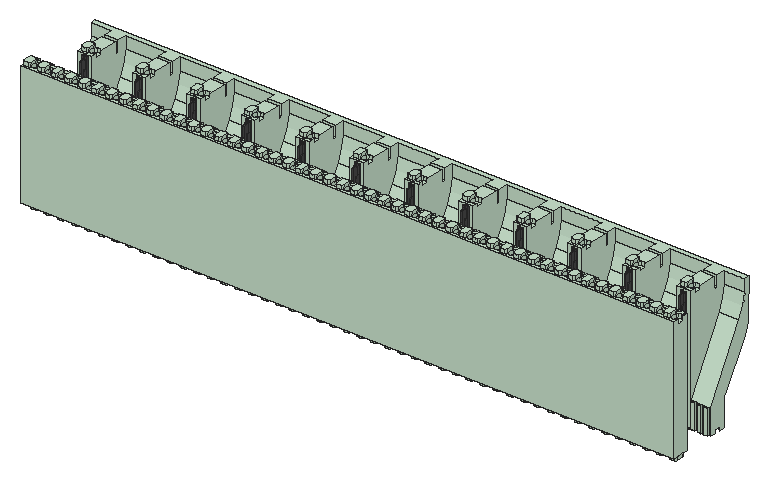
Revit family (continued)
Forms (in)
  Extrusion 166, solid, material "NUDURA Expanded Polystyrene Foam Insulation"
    sketch origin (0, -1, 0) x (0, 1, 0) y (0, 0, 1)
      loop
        line (7.625, 16.5) -> (7.625, 18) -> (3.25, 18) -> (3.25, 3.625) -> (8.425, 13)
        arc (8.425, 13) -> (9.05432, 14.58521) -> (9.425, 16.25) r 10.75
        line (9.425, 16.25) -> (9.425, 18)
    from 59 to 61
  Extrusion 167, solid, material "NUDURA Expanded Polystyrene Foam Insulation"
    sketch origin (0, -1, 0) x (0, 1, 0) y (0, 0, 1)
      loop
        line (9.425, 18) -> (8.125, 18) -> (8.125, 16.5)
        arc (8.125, 16.5) -> (7.875, 16.25) -> (7.625, 16.5) r 0.25
        line (7.625, 16.5) -> (7.625, 18) -> (3.25, 18) -> (3.25, 3.625) -> (8.425, 13)
        arc (8.425, 13) -> (9.05432, 14.58521) -> (9.425, 16.25) r 10.75
        line (9.425, 16.25) -> (9.425, 18)
    from 67 to 69
  Extrusion 168, solid, material "NUDURA Expanded Polystyrene Foam Insulation"
    sketch origin (0, -1, 0) x (0, 1, 0) y (0, 0, 1)
      loop
        line (9.425, 18) -> (8.125, 18) -> (8.125, 16.5)
        arc (8.125, 16.5) -> (7.875, 16.25) -> (7.625, 16.5) r 0.25
        line (7.625, 16.5) -> (7.625, 18) -> (3.25, 18) -> (3.25, 3.625) -> (8.425, 13)
        arc (8.425, 13) -> (9.05432, 14.58521) -> (9.425, 16.25) r 10.75
        line (9.425, 16.25) -> (9.425, 18)
    from 75 to 77
  Extrusion 169, solid, material "NUDURA Expanded Polystyrene Foam Insulation"
    sketch origin (0, -1, 0) x (0, 1, 0) y (0, 0, 1)
      loop
        line (9.425, 18) -> (8.125, 18) -> (8.125, 16.5)
        arc (8.125, 16.5) -> (7.875, 16.25) -> (7.625, 16.5) r 0.25
        line (7.625, 16.5) -> (7.625, 18) -> (3.25, 18) -> (3.25, 3.625) -> (8.425, 13)
        arc (8.425, 13) -> (9.05432, 14.58521) -> (9.425, 16.25) r 10.75
        line (9.425, 16.25) -> (9.425, 18)
    from 83 to 85
  Extrusion 170, solid, material "NUDURA Expanded Polystyrene Foam Insulation"
    sketch origin (0, -1, 0) x (0, 1, 0) y (0, 0, 1)
      loop
        line (9.425, 18) -> (8.125, 18) -> (8.125, 16.5)
        arc (8.125, 16.5) -> (7.875, 16.25) -> (7.625, 16.5) r 0.25
        line (7.625, 16.5) -> (7.625, 18) -> (3.25, 18) -> (3.25, 3.625) -> (8.425, 13)
        arc (8.425, 13) -> (9.05432, 14.58521) -> (9.425, 16.25) r 10.75
        line (9.425, 16.25) -> (9.425, 18)
    from 91 to 93
  Extrusion 171, solid, material "NUDURA Expanded Polystyrene Foam Insulation"
    sketch origin (0, -1, 0) x (1, 0, 0) y (0, 1, 0)
      loop
        line (95.21883, 3) -> (95.78117, 3) -> (95.71883, 3.25) -> (95.28117, 3.25) -> (95.21883, 3)
      loop
        line (94.21883, 3) -> (94.78117, 3) -> (94.71883, 3.25) -> (94.28117, 3.25) -> (94.21883, 3)
      loop
        line (93.21883, 3) -> (93.78117, 3) -> (93.71883, 3.25) -> (93.28117, 3.25) -> (93.21883, 3)
      loop
        line (90.21883, 3) -> (90.78117, 3) -> (90.71883, 3.25) -> (90.28117, 3.25) -> (90.21883, 3)
      loop
        line (89.21883, 3) -> (89.78117, 3) -> (89.71883, 3.25) -> (89.28117, 3.25) -> (89.21883, 3)
      loop
        line (88.21883, 3) -> (88.78117, 3) -> (88.71883, 3.25) -> (88.28117, 3.25) -> (88.21883, 3)
      loop
        line (87.21883, 3) -> (87.78117, 3) -> (87.71883, 3.25) -> (87.28117, 3.25) -> (87.21883, 3)
      loop
        line (86.21883, 3) -> (86.78117, 3) -> (86.71883, 3.25) -> (86.28117, 3.25) -> (86.21883, 3)
      loop
        line (85.21883, 3) -> (85.78117, 3) -> (85.71883, 3.25) -> (85.28117, 3.25) -> (85.21883, 3)
      loop
        line (82.21883, 3) -> (82.78117, 3) -> (82.71883, 3.25) -> (82.28117, 3.25) -> (82.21883, 3)
      loop
        line (81.21883, 3) -> (81.78117, 3) -> (81.71883, 3.25) -> (81.28117, 3.25) -> (81.21883, 3)
      loop
        line (80.21883, 3) -> (80.78117, 3) -> (80.71883, 3.25) -> (80.28117, 3.25) -> (80.21883, 3)
      loop
        line (79.21883, 3) -> (79.78117, 3) -> (79.71883, 3.25) -> (79.28117, 3.25) -> (79.21883, 3)
      loop
        line (78.21883, 3) -> (78.78117, 3) -> (78.71883, 3.25) -> (78.28117, 3.25) -> (78.21883, 3)
      loop
        line (77.21883, 3) -> (77.78117, 3) -> (77.71883, 3.25) -> (77.28117, 3.25) -> (77.21883, 3)
      loop
        line (74.21883, 3) -> (74.78117, 3) -> (74.71883, 3.25) -> (74.28117, 3.25) -> (74.21883, 3)
      loop
        line (73.21883, 3) -> (73.78117, 3) -> (73.71883, 3.25) -> (73.28117, 3.25) -> (73.21883, 3)
      loop
        line (72.21883, 3) -> (72.78117, 3) -> (72.71883, 3.25) -> (72.28117, 3.25) -> (72.21883, 3)
      loop
        line (71.21883, 3) -> (71.78117, 3) -> (71.71883, 3.25) -> (71.28117, 3.25) -> (71.21883, 3)
      loop
        line (70.21883, 3) -> (70.78117, 3) -> (70.71883, 3.25) -> (70.28117, 3.25) -> (70.21883, 3)
      loop
        line (69.21883, 3) -> (69.78117, 3) -> (69.71883, 3.25) -> (69.28117, 3.25) -> (69.21883, 3)
      loop
        line (66.21883, 3) -> (66.78117, 3) -> (66.71883, 3.25) -> (66.28117, 3.25) -> (66.21883, 3)
      loop
        line (65.21883, 3) -> (65.78117, 3) -> (65.71883, 3.25) -> (65.28117, 3.25) -> (65.21883, 3)
      loop
        line (64.21883, 3) -> (64.78117, 3) -> (64.71883, 3.25) -> (64.28117, 3.25) -> (64.21883, 3)
      loop
        line (63.21883, 3) -> (63.78117, 3) -> (63.71883, 3.25) -> (63.28117, 3.25) -> (63.21883, 3)
      loop
        line (62.21883, 3) -> (62.78117, 3) -> (62.71883, 3.25) -> (62.28117, 3.25) -> (62.21883, 3)
      loop
        line (61.21883, 3) -> (61.78117, 3) -> (61.71883, 3.25) -> (61.28117, 3.25) -> (61.21883, 3)
      loop
        line (58.21883, 3) -> (58.78117, 3) -> (58.71883, 3.25) -> (58.28117, 3.25) -> (58.21883, 3)
      loop
        line (57.21883, 3) -> (57.78117, 3) -> (57.71883, 3.25) -> (57.28117, 3.25) -> (57.21883, 3)
      loop
        line (56.21883, 3) -> (56.78117, 3) -> (56.71883, 3.25) -> (56.28117, 3.25) -> (56.21883, 3)
      loop
        line (55.21883, 3) -> (55.78117, 3) -> (55.71883, 3.25) -> (55.28117, 3.25) -> (55.21883, 3)
      loop
        line (54.21883, 3) -> (54.78117, 3) -> (54.71883, 3.25) -> (54.28117, 3.25) -> (54.21883, 3)
      loop
        line (53.21883, 3) -> (53.78117, 3) -> (53.71883, 3.25) -> (53.28117, 3.25) -> (53.21883, 3)
      loop
        line (50.21883, 3) -> (50.78117, 3) -> (50.71883, 3.25) -> (50.28117, 3.25) -> (50.21883, 3)
      loop
        line (49.21883, 3) -> (49.78117, 3) -> (49.71883, 3.25) -> (49.28117, 3.25) -> (49.21883, 3)
      loop
        line (48.21883, 3) -> (48.78117, 3) -> (48.71883, 3.25) -> (48.28117, 3.25) -> (48.21883, 3)
      loop
        line (47.21883, 3) -> (47.78117, 3) -> (47.71883, 3.25) -> (47.28117, 3.25) -> (47.21883, 3)
      loop
        line (46.21883, 3) -> (46.78117, 3) -> (46.71883, 3.25) -> (46.28117, 3.25) -> (46.21883, 3)
      loop
        line (45.21883, 3) -> (45.78117, 3) -> (45.71883, 3.25) -> (45.28117, 3.25) -> (45.21883, 3)
      loop
        line (42.21883, 3) -> (42.78117, 3) -> (42.71883, 3.25) -> (42.28117, 3.25) -> (42.21883, 3)
      loop
        line (41.21883, 3) -> (41.78117, 3) -> (41.71883, 3.25) -> (41.28117, 3.25) -> (41.21883, 3)
      loop
        line (40.21883, 3) -> (40.78117, 3) -> (40.71883, 3.25) -> (40.28117, 3.25) -> (40.21883, 3)
      loop
        line (39.21883, 3) -> (39.78117, 3) -> (39.71883, 3.25) -> (39.28117, 3.25) -> (39.21883, 3)
      loop
        line (38.21883, 3) -> (38.78117, 3) -> (38.71883, 3.25) -> (38.28117, 3.25) -> (38.21883, 3)
      loop
        line (37.21883, 3) -> (37.78117, 3) -> (37.71883, 3.25) -> (37.28117, 3.25) -> (37.21883, 3)
      loop
        line (34.21883, 3) -> (34.78117, 3) -> (34.71883, 3.25) -> (34.28117, 3.25) -> (34.21883, 3)
      loop
        line (33.21883, 3) -> (33.78117, 3) -> (33.71883, 3.25) -> (33.28117, 3.25) -> (33.21883, 3)
      loop
        line (32.21883, 3) -> (32.78117, 3) -> (32.71883, 3.25) -> (32.28117, 3.25) -> (32.21883, 3)
      loop
        line (31.21883, 3) -> (31.78117, 3) -> (31.71883, 3.25) -> (31.28117, 3.25) -> (31.21883, 3)
      loop
        line (30.21883, 3) -> (30.78117, 3) -> (30.71883, 3.25) -> (30.28117, 3.25) -> (30.21883, 3)
      loop
        line (29.21883, 3) -> (29.78117, 3) -> (29.71883, 3.25) -> (29.28117, 3.25) -> (29.21883, 3)
      loop
        line (26.21883, 3) -> (26.78117, 3) -> (26.71883, 3.25) -> (26.28117, 3.25) -> (26.21883, 3)
      loop
        line (25.21883, 3) -> (25.78117, 3) -> (25.71883, 3.25) -> (25.28117, 3.25) -> (25.21883, 3)
      loop
        line (24.21883, 3) -> (24.78117, 3) -> (24.71883, 3.25) -> (24.28117, 3.25) -> (24.21883, 3)
      loop
        line (23.21883, 3) -> (23.78117, 3) -> (23.71883, 3.25) -> (23.28117, 3.25) -> (23.21883, 3)
      loop
        line (22.21883, 3) -> (22.78117, 3) -> (22.71883, 3.25) -> (22.28117, 3.25) -> (22.21883, 3)
      loop
        line (21.21883, 3) -> (21.78117, 3) -> (21.71883, 3.25) -> (21.28117, 3.25) -> (21.21883, 3)
      loop
        line (18.21883, 3) -> (18.78117, 3) -> (18.71883, 3.25) -> (18.28117, 3.25) -> (18.21883, 3)
      loop
        line (17.21883, 3) -> (17.78117, 3) -> (17.71883, 3.25) -> (17.28117, 3.25) -> (17.21883, 3)
      loop
        line (16.21883, 3) -> (16.78117, 3) -> (16.71883, 3.25) -> (16.28117, 3.25) -> (16.21883, 3)
      loop
        line (15.21883, 3) -> (15.78117, 3) -> (15.71883, 3.25) -> (15.28117, 3.25) -> (15.21883, 3)
      loop
        line (14.21883, 3) -> (14.78117, 3) -> (14.71883, 3.25) -> (14.28117, 3.25) -> (14.21883, 3)
      loop
        line (13.21883, 3) -> (13.78117, 3) -> (13.71883, 3.25) -> (13.28117, 3.25) -> (13.21883, 3)
      loop
        line (10.21883, 3) -> (10.78117, 3) -> (10.71883, 3.25) -> (10.28117, 3.25) -> (10.21883, 3)
      loop
        line (9.21883, 3) -> (9.78117, 3) -> (9.71883, 3.25) -> (9.28117, 3.25) -> (9.21883, 3)
      loop
        line (8.21883, 3) -> (8.78117, 3) -> (8.71883, 3.25) -> (8.28117, 3.25) -> (8.21883, 3)
      loop
        line (7.21883, 3) -> (7.78117, 3) -> (7.71883, 3.25) -> (7.28117, 3.25) -> (7.21883, 3)
      loop
        line (6.21883, 3) -> (6.78117, 3) -> (6.71883, 3.25) -> (6.28117, 3.25) -> (6.21883, 3)
      loop
        line (5.21883, 3) -> (5.78117, 3) -> (5.71883, 3.25) -> (5.28117, 3.25) -> (5.21883, 3)
      loop
        line (2.21883, 3) -> (2.78117, 3) -> (2.71883, 3.25) -> (2.28117, 3.25) -> (2.21883, 3)
      loop
        line (1.21883, 3) -> (1.78117, 3) -> (1.71883, 3.25) -> (1.28117, 3.25) -> (1.21883, 3)
      loop
        line (0.21883, 3) -> (0.78117, 3) -> (0.71883, 3.25) -> (0.28117, 3.25) -> (0.21883, 3)
    from 0 to 3.625
Cuts and joins
  Extrusion 2, Extrusion 3, Extrusion 4, Extrusion 5, Extrusion 6, Extrusion 7, Extrusion 8, Extrusion 9, Extrusion 10, Extrusion 11, Extrusion 12, Extrusion 13, Extrusion 14, Extrusion 15, Extrusion 16, Extrusion 17, Extrusion 18, Extrusion 19, Extrusion 20, Extrusion 21, Extrusion 22, Extrusion 23, Extrusion 24, Extrusion 25, Extrusion 26, Extrusion 27, Extrusion 28, Extrusion 29, Extrusion 30, Extrusion 31, Extrusion 32, Extrusion 33, Extrusion 34, Extrusion 35, Extrusion 36, Extrusion 37, Extrusion 38, Extrusion 39, Extrusion 40, Extrusion 41, Extrusion 42, Extrusion 43, Extrusion 44, Extrusion 45, Extrusion 46, Extrusion 47, Extrusion 48, Extrusion 49, Extrusion 50, Extrusion 51, Extrusion 52, Extrusion 53, Extrusion 54, Extrusion 55, Extrusion 56, Extrusion 57, Extrusion 58, Extrusion 59, Extrusion 60, Extrusion 61, Extrusion 62, Extrusion 63, Extrusion 64, Extrusion 65, Extrusion 66, Extrusion 67, Extrusion 68, Extrusion 69, Extrusion 70, Extrusion 71, Extrusion 72, Extrusion 73, Extrusion 74, Extrusion 75, Extrusion 76, Extrusion 77, Extrusion 78, Extrusion 79, Extrusion 80, Extrusion 81, Extrusion 82, Extrusion 83, Extrusion 84, Extrusion 85, Extrusion 86, Extrusion 87, Extrusion 88, Extrusion 89, Extrusion 90, Extrusion 91, Extrusion 92, Extrusion 93, Extrusion 94, Extrusion 95, Extrusion 96, Extrusion 97, Extrusion 98, Extrusion 99, Extrusion 100, Extrusion 101, Extrusion 102, Extrusion 103, Extrusion 104, Extrusion 105, Extrusion 106, Extrusion 107, Extrusion 108, Extrusion 109, Extrusion 110, Extrusion 111, Extrusion 112, Extrusion 113, Extrusion 114, Extrusion 115, Extrusion 116, Extrusion 117, Extrusion 118, Extrusion 119, Extrusion 120, Extrusion 121, Extrusion 122, Extrusion 123, Extrusion 124, Extrusion 125, Extrusion 126, Extrusion 127, Extrusion 128, Extrusion 129, Extrusion 130, Extrusion 131, Extrusion 132, Extrusion 133, Extrusion 134, Extrusion 135, Extrusion 136, Extrusion 137, Extrusion 138, Extrusion 139, Extrusion 140, Extrusion 141, Extrusion 142, Extrusion 143, Extrusion 144, Extrusion 145, Extrusion 146, Extrusion 147, Extrusion 148, Extrusion 149, Extrusion 150, Extrusion 151, Extrusion 152, Extrusion 153, Extrusion 154, Extrusion 155, Extrusion 156, Extrusion 157 cuts Extrusion 1
  Extrusion 110, Extrusion 111, Extrusion 112, Extrusion 113, Extrusion 114, Extrusion 115, Extrusion 116, Extrusion 117, Extrusion 118, Extrusion 119, Extrusion 120, Extrusion 121, Extrusion 122, Extrusion 123, Extrusion 124, Extrusion 125, Extrusion 126, Extrusion 127, Extrusion 128, Extrusion 129, Extrusion 130, Extrusion 131, Extrusion 132, Extrusion 133, Extrusion 134, Extrusion 135, Extrusion 136, Extrusion 137, Extrusion 138, Extrusion 139, Extrusion 140, Extrusion 141, Extrusion 142, Extrusion 143, Extrusion 144, Extrusion 145, Extrusion 146, Extrusion 147, Extrusion 148, Extrusion 149, Extrusion 150, Extrusion 151, Extrusion 152, Extrusion 153, Extrusion 154, Extrusion 155, Extrusion 156, Extrusion 157 cuts Extrusion 158
  Extrusion 61 cuts Extrusion 159
  Extrusion 60 cuts Extrusion 160
  Extrusion 59 cuts Extrusion 161
  Extrusion 58 cuts Extrusion 162
  Extrusion 57 cuts Extrusion 163
  Extrusion 56 cuts Extrusion 164
  Extrusion 55 cuts Extrusion 165
  Extrusion 54 cuts Extrusion 166
  Extrusion 53 cuts Extrusion 167
  Extrusion 52 cuts Extrusion 168
  Extrusion 51 cuts Extrusion 169
  Extrusion 50 cuts Extrusion 170
  joined: Extrusion 158, Extrusion 159, Extrusion 160, Extrusion 161, Extrusion 162, Extrusion 163, Extrusion 164, Extrusion 165, Extrusion 166, Extrusion 167, Extrusion 168, Extrusion 169, Extrusion 170, Extrusion 171
Lines and regions (in)
  model lines
    curve 1: line (8, -4.625, 18) -> (8, -4.625, 0)
Dimensions and locks (in)
  locked: plane 3 "Center (Left/Right)" to plane 4 at 96
  locked: plane 6 to plane 5 at 4
  locked: plane 5 to plane 7 at 2.625
  locked: plane 8 to plane 6 at 2.625
  locked: plane 9 to level at 18
  locked: plane 4 to plane 3 "Center (Left/Right)" at 96
  locked: plane 9 to plane 10 at 0.5
  locked: plane 11 to level at 0.5
  aligned and locked: plane 9 to Extrusion 1
  aligned and locked: Extrusion 1 to plane 3 "Center (Left/Right)"
  aligned and locked: plane 4 to Extrusion 1
  aligned and locked: level to Extrusion 1
  aligned and locked: nested 1 to plane 8
  aligned and locked: nested 115 to cut or joined group 1 (Extrusion 1, Extrusion 2, Extrusion 3, Extrusion 4, Extrusion 5, Extrusion 6, Extrusion 7, Extrusion 8, Extrusion 9, Extrusion 10, Extrusion 11, Extrusion 12, Extrusion 13, Extrusion 14, Extrusion 15, Extrusion 16, Extrusion 17, Extrusion 18, Extrusion 19, Extrusion 20, Extrusion 21, Extrusion 22, Extrusion 23, Extrusion 24, Extrusion 25, Extrusion 26, Extrusion 27, Extrusion 28, Extrusion 29, Extrusion 30, Extrusion 31, Extrusion 32, Extrusion 33, Extrusion 34, Extrusion 35, Extrusion 36, Extrusion 37, Extrusion 38, Extrusion 39, Extrusion 40, Extrusion 41, Extrusion 42, Extrusion 43, Extrusion 44, Extrusion 45, Extrusion 46, Extrusion 47, Extrusion 48, Extrusion 49, Extrusion 50, Extrusion 51, Extrusion 52, Extrusion 53, Extrusion 54, Extrusion 55, Extrusion 56, Extrusion 57, Extrusion 58, Extrusion 59, Extrusion 60, Extrusion 61, Extrusion 62, Extrusion 63, Extrusion 64, Extrusion 65, Extrusion 66, Extrusion 67, Extrusion 68, Extrusion 69, Extrusion 70, Extrusion 71, Extrusion 72, Extrusion 73, Extrusion 74, Extrusion 75, Extrusion 76, Extrusion 77, Extrusion 78, Extrusion 79, Extrusion 80, Extrusion 81, Extrusion 82, Extrusion 83, Extrusion 84, Extrusion 85, Extrusion 86, Extrusion 87, Extrusion 88, Extrusion 89, Extrusion 90, Extrusion 91, Extrusion 92, Extrusion 93, Extrusion 94, Extrusion 95, Extrusion 96, Extrusion 97, Extrusion 98, Extrusion 99, Extrusion 100, Extrusion 101, Extrusion 102, Extrusion 103, Extrusion 104, Extrusion 105, Extrusion 106, Extrusion 107, Extrusion 108, Extrusion 109, Extrusion 110, Extrusion 111, Extrusion 112, Extrusion 113, Extrusion 114, Extrusion 115, Extrusion 116, Extrusion 117, Extrusion 118, Extrusion 119, Extrusion 120, Extrusion 121, Extrusion 122, Extrusion 123, Extrusion 124, Extrusion 125, Extrusion 126, Extrusion 127, Extrusion 128, Extrusion 129, Extrusion 130, Extrusion 131, Extrusion 132, Extrusion 133, Extrusion 134, Extrusion 135, Extrusion 136, Extrusion 137, Extrusion 138, Extrusion 139, Extrusion 140, Extrusion 141, Extrusion 142, Extrusion 143, Extrusion 144, Extrusion 145, Extrusion 146, Extrusion 147, Extrusion 148, Extrusion 149, Extrusion 150, Extrusion 151, Extrusion 152, Extrusion 153, Extrusion 154, Extrusion 155, Extrusion 156, Extrusion 157)
  aligned and locked: cut or joined group 1 to cut or joined group 2 (Extrusion 50, Extrusion 51, Extrusion 52, Extrusion 53, Extrusion 54, Extrusion 55, Extrusion 56, Extrusion 57, Extrusion 58, Extrusion 59, Extrusion 60, Extrusion 61, Extrusion 110, Extrusion 111, Extrusion 112, Extrusion 113, Extrusion 114, Extrusion 115, Extrusion 116, Extrusion 117, Extrusion 118, Extrusion 119, Extrusion 120, Extrusion 121, Extrusion 122, Extrusion 123, Extrusion 124, Extrusion 125, Extrusion 126, Extrusion 127, Extrusion 128, Extrusion 129, Extrusion 130, Extrusion 131, Extrusion 132, Extrusion 133, Extrusion 134, Extrusion 135, Extrusion 136, Extrusion 137, Extrusion 138, Extrusion 139, Extrusion 140, Extrusion 141, Extrusion 142, Extrusion 143, Extrusion 144, Extrusion 145, Extrusion 146, Extrusion 147, Extrusion 148, Extrusion 149, Extrusion 150, Extrusion 151, Extrusion 152, Extrusion 153, Extrusion 154, Extrusion 155, Extrusion 156, Extrusion 157, Extrusion 158, Extrusion 159, Extrusion 160, Extrusion 161, Extrusion 162, Extrusion 163, Extrusion 164, Extrusion 165, Extrusion 166, Extrusion 167, Extrusion 168, Extrusion 169, Extrusion 170, Extrusion 171)
  aligned and locked: cut or joined group 2 to nested 169
  aligned and locked: cut or joined group 2 to nested 170
Nested families (in)
  nested 1: "NUDURA Diamond Pattern" at (0, 1, 0), type "NUDURA Diamond Pattern"
  nested 2: "NUDURA Diamond Pattern" at (16, 1, 0), type "NUDURA Diamond Pattern"
  nested 3: "NUDURA Diamond Pattern" at (24, 1, 0), type "NUDURA Diamond Pattern"
  nested 4: "NUDURA Diamond Pattern" at (40, 1, 0), type "NUDURA Diamond Pattern"
  nested 5: "NUDURA Diamond Pattern" at (48, 1, 0), type "NUDURA Diamond Pattern"
  nested 6: "NUDURA Diamond Pattern" at (64, 1, 0), type "NUDURA Diamond Pattern"
  nested 7: "NUDURA Diamond Pattern" at (72, 1, 0), type "NUDURA Diamond Pattern"
  nested 8: "NUDURA Diamond Pattern" at (88, 1, 0), type "NUDURA Diamond Pattern"
  nested 9: "Interlock Tooth" at (0, 1, 0), type "Interlock Tooth"
  nested 10: "Interlock Tooth" at (2, 1, 0), type "Interlock Tooth"
  nested 11: "Interlock Tooth" at (4, 1, 0), type "Interlock Tooth"
  nested 12: "Interlock Tooth" at (6, 1, 0), type "Interlock Tooth"
  nested 13: "Interlock Tooth" at (8, 1, 0), type "Interlock Tooth"
  nested 14: "Interlock Tooth" at (10, 1, 0), type "Interlock Tooth"
  nested 15: "Interlock Tooth" at (12, 1, 0), type "Interlock Tooth"
  nested 16: "Interlock Tooth" at (14, 1, 0), type "Interlock Tooth"
  nested 17: "Interlock Tooth" at (16, 1, 0), type "Interlock Tooth"
  nested 18: "Interlock Tooth" at (18, 1, 0), type "Interlock Tooth"
  nested 19: "Interlock Tooth" at (20, 1, 0), type "Interlock Tooth"
  nested 20: "Interlock Tooth" at (22, 1, 0), type "Interlock Tooth"
  nested 21: "Interlock Tooth" at (24, 1, 0), type "Interlock Tooth"
  nested 22: "Interlock Tooth" at (26, 1, 0), type "Interlock Tooth"
  nested 23: "Interlock Tooth" at (28, 1, 0), type "Interlock Tooth"
  nested 24: "Interlock Tooth" at (30, 1, 0), type "Interlock Tooth"
  nested 25: "Interlock Tooth" at (32, 1, 0), type "Interlock Tooth"
  nested 26: "Interlock Tooth" at (34, 1, 0), type "Interlock Tooth"
  nested 27: "Interlock Tooth" at (36, 1, 0), type "Interlock Tooth"
  nested 28: "Interlock Tooth" at (38, 1, 0), type "Interlock Tooth"
  nested 29: "Interlock Tooth" at (40, 1, 0), type "Interlock Tooth"
  nested 30: "Interlock Tooth" at (42, 1, 0), type "Interlock Tooth"
  nested 31: "Interlock Tooth" at (44, 1, 0), type "Interlock Tooth"
  nested 32: "Interlock Tooth" at (46, 1, 0), type "Interlock Tooth"
  nested 33: "Interlock Tooth" at (48, 1, 0), type "Interlock Tooth"
  nested 34: "Interlock Tooth" at (50, 1, 0), type "Interlock Tooth"
  nested 35: "Interlock Tooth" at (52, 1, 0), type "Interlock Tooth"
  nested 36: "Interlock Tooth" at (54, 1, 0), type "Interlock Tooth"
  nested 37: "Interlock Tooth" at (56, 1, 0), type "Interlock Tooth"
  nested 38: "Interlock Tooth" at (58, 1, 0), type "Interlock Tooth"
  nested 39: "Interlock Tooth" at (60, 1, 0), type "Interlock Tooth"
  nested 40: "Interlock Tooth" at (62, 1, 0), type "Interlock Tooth"
  nested 41: "Interlock Tooth" at (64, 1, 0), type "Interlock Tooth"
  nested 42: "Interlock Tooth" at (66, 1, 0), type "Interlock Tooth"
  nested 43: "Interlock Tooth" at (68, 1, 0), type "Interlock Tooth"
  nested 44: "Interlock Tooth" at (70, 1, 0), type "Interlock Tooth"
  nested 45: "Interlock Tooth" at (72, 1, 0), type "Interlock Tooth"
  nested 46: "Interlock Tooth" at (74, 1, 0), type "Interlock Tooth"
  nested 47: "Interlock Tooth" at (76, 1, 0), type "Interlock Tooth"
  nested 48: "Interlock Tooth" at (78, 1, 0), type "Interlock Tooth"
  nested 49: "Interlock Tooth" at (80, 1, 0), type "Interlock Tooth"
  nested 50: "Interlock Tooth" at (82, 1, 0), type "Interlock Tooth"
  nested 51: "Interlock Tooth" at (84, 1, 0), type "Interlock Tooth"
  nested 52: "Interlock Tooth" at (86, 1, 0), type "Interlock Tooth"
  nested 53: "Interlock Tooth" at (88, 1, 0), type "Interlock Tooth"
  nested 54: "Interlock Tooth" at (90, 1, 0), type "Interlock Tooth"
  nested 55: "Interlock Tooth" at (92, 1, 0), type "Interlock Tooth"
  nested 56: "Interlock Tooth" at (94, 1, 0), type "Interlock Tooth"
  nested 57: "Interlock Tooth" at (3, 7.875, 0), type "Interlock Tooth"
  nested 58: "Interlock Tooth" at (11, 7.875, 0), type "Interlock Tooth"
  nested 59: "Interlock Tooth" at (19, 7.875, 0), type "Interlock Tooth"
  nested 60: "Interlock Tooth" at (27, 7.875, 0), type "Interlock Tooth"
  nested 61: "Interlock Tooth" at (35, 7.875, 0), type "Interlock Tooth"
  nested 62: "Interlock Tooth" at (43, 7.875, 0), type "Interlock Tooth"
  nested 63: "Interlock Tooth" at (51, 7.875, 0), type "Interlock Tooth"
  nested 64: "Interlock Tooth" at (59, 7.875, 0), type "Interlock Tooth"
  nested 65: "Interlock Tooth" at (67, 7.875, 0), type "Interlock Tooth"
  nested 66: "Interlock Tooth" at (75, 7.875, 0), type "Interlock Tooth"
  nested 67: "Interlock Tooth" at (83, 7.875, 0), type "Interlock Tooth"
  nested 68: "Interlock Tooth" at (91, 7.875, 0), type "Interlock Tooth"
  nested 69: "Interlock Tooth" at (1, -7.875, -18.5), type "Interlock Tooth"
  nested 70: "Interlock Tooth" at (3, -7.875, -18.5), type "Interlock Tooth"
  nested 71: "Interlock Tooth" at (5, -7.875, -18.5), type "Interlock Tooth"
  nested 72: "Interlock Tooth" at (7, -7.875, -18.5), type "Interlock Tooth"
  nested 73: "Interlock Tooth" at (9, -7.875, -18.5), type "Interlock Tooth"
  nested 74: "Interlock Tooth" at (11, -7.875, -18.5), type "Interlock Tooth"
  nested 75: "Interlock Tooth" at (13, -7.875, -18.5), type "Interlock Tooth"
  nested 76: "Interlock Tooth" at (15, -7.875, -18.5), type "Interlock Tooth"
  nested 77: "Interlock Tooth" at (17, -7.875, -18.5), type "Interlock Tooth"
  nested 78: "Interlock Tooth" at (19, -7.875, -18.5), type "Interlock Tooth"
  nested 79: "Interlock Tooth" at (21, -7.875, -18.5), type "Interlock Tooth"
  nested 80: "Interlock Tooth" at (23, -7.875, -18.5), type "Interlock Tooth"
  nested 81: "Interlock Tooth" at (25, -7.875, -18.5), type "Interlock Tooth"
  nested 82: "Interlock Tooth" at (27, -7.875, -18.5), type "Interlock Tooth"
  nested 83: "Interlock Tooth" at (29, -7.875, -18.5), type "Interlock Tooth"
  nested 84: "Interlock Tooth" at (31, -7.875, -18.5), type "Interlock Tooth"
  nested 85: "Interlock Tooth" at (33, -7.875, -18.5), type "Interlock Tooth"
  nested 86: "Interlock Tooth" at (35, -7.875, -18.5), type "Interlock Tooth"
  nested 87: "Interlock Tooth" at (37, -7.875, -18.5), type "Interlock Tooth"
  nested 88: "Interlock Tooth" at (39, -7.875, -18.5), type "Interlock Tooth"
  nested 89: "Interlock Tooth" at (41, -7.875, -18.5), type "Interlock Tooth"
  nested 90: "Interlock Tooth" at (43, -7.875, -18.5), type "Interlock Tooth"
  nested 91: "Interlock Tooth" at (45, -7.875, -18.5), type "Interlock Tooth"
  nested 92: "Interlock Tooth" at (47, -7.875, -18.5), type "Interlock Tooth"
  nested 93: "Interlock Tooth" at (49, -7.875, -18.5), type "Interlock Tooth"
  nested 94: "Interlock Tooth" at (51, -7.875, -18.5), type "Interlock Tooth"
  nested 95: "Interlock Tooth" at (53, -7.875, -18.5), type "Interlock Tooth"
  nested 96: "Interlock Tooth" at (55, -7.875, -18.5), type "Interlock Tooth"
  nested 97: "Interlock Tooth" at (57, -7.875, -18.5), type "Interlock Tooth"
  nested 98: "Interlock Tooth" at (59, -7.875, -18.5), type "Interlock Tooth"
  nested 99: "Interlock Tooth" at (61, -7.875, -18.5), type "Interlock Tooth"
  nested 100: "Interlock Tooth" at (63, -7.875, -18.5), type "Interlock Tooth"
  nested 101: "Interlock Tooth" at (65, -7.875, -18.5), type "Interlock Tooth"
  nested 102: "Interlock Tooth" at (67, -7.875, -18.5), type "Interlock Tooth"
  nested 103: "Interlock Tooth" at (69, -7.875, -18.5), type "Interlock Tooth"
  nested 104: "Interlock Tooth" at (71, -7.875, -18.5), type "Interlock Tooth"
  nested 105: "Interlock Tooth" at (73, -7.875, -18.5), type "Interlock Tooth"
  nested 106: "Interlock Tooth" at (75, -7.875, -18.5), type "Interlock Tooth"
  nested 107: "Interlock Tooth" at (77, -7.875, -18.5), type "Interlock Tooth"
  nested 108: "Interlock Tooth" at (79, -7.875, -18.5), type "Interlock Tooth"
  nested 109: "Interlock Tooth" at (81, -7.875, -18.5), type "Interlock Tooth"
  nested 110: "Interlock Tooth" at (85, -7.875, -18.5), type "Interlock Tooth"
  nested 111: "Interlock Tooth" at (87, -7.875, -18.5), type "Interlock Tooth"
  nested 112: "Interlock Tooth" at (89, -7.875, -18.5), type "Interlock Tooth"
  nested 113: "Interlock Tooth" at (91, -7.875, -18.5), type "Interlock Tooth"
  nested 114: "Interlock Tooth" at (93, -7.875, -18.5), type "Interlock Tooth"
  nested 115: "Interlock Tooth" at (95, -7.875, -18.5), type "Interlock Tooth"
  nested 116: "Interlock Tooth" at (0, -1, -18.5), type "Interlock Tooth"
  nested 117: "Interlock Tooth" at (2, -1, -18.5), type "Interlock Tooth"
  nested 118: "Interlock Tooth" at (4, -1, -18.5), type "Interlock Tooth"
  nested 119: "Interlock Tooth" at (6, -1, -18.5), type "Interlock Tooth"
  nested 120: "Interlock Tooth" at (8, -1, -18.5), type "Interlock Tooth"
  nested 121: "Interlock Tooth" at (10, -1, -18.5), type "Interlock Tooth"
  nested 122: "Interlock Tooth" at (12, -1, -18.5), type "Interlock Tooth"
  nested 123: "Interlock Tooth" at (14, -1, -18.5), type "Interlock Tooth"
  nested 124: "Interlock Tooth" at (16, -1, -18.5), type "Interlock Tooth"
  nested 125: "Interlock Tooth" at (18, -1, -18.5), type "Interlock Tooth"
  nested 126: "Interlock Tooth" at (20, -1, -18.5), type "Interlock Tooth"
  nested 127: "Interlock Tooth" at (22, -1, -18.5), type "Interlock Tooth"
  nested 128: "Interlock Tooth" at (24, -1, -18.5), type "Interlock Tooth"
  nested 129: "Interlock Tooth" at (26, -1, -18.5), type "Interlock Tooth"
  nested 130: "Interlock Tooth" at (28, -1, -18.5), type "Interlock Tooth"
  nested 131: "Interlock Tooth" at (30, -1, -18.5), type "Interlock Tooth"
  nested 132: "Interlock Tooth" at (32, -1, -18.5), type "Interlock Tooth"
  nested 133: "Interlock Tooth" at (34, -1, -18.5), type "Interlock Tooth"
  nested 134: "Interlock Tooth" at (36, -1, -18.5), type "Interlock Tooth"
  nested 135: "Interlock Tooth" at (38, -1, -18.5), type "Interlock Tooth"
  nested 136: "Interlock Tooth" at (40, -1, -18.5), type "Interlock Tooth"
  nested 137: "Interlock Tooth" at (42, -1, -18.5), type "Interlock Tooth"
  nested 138: "Interlock Tooth" at (44, -1, -18.5), type "Interlock Tooth"
  nested 139: "Interlock Tooth" at (46, -1, -18.5), type "Interlock Tooth"
  nested 140: "Interlock Tooth" at (48, -1, -18.5), type "Interlock Tooth"
  nested 141: "Interlock Tooth" at (50, -1, -18.5), type "Interlock Tooth"
  nested 142: "Interlock Tooth" at (52, -1, -18.5), type "Interlock Tooth"
  nested 143: "Interlock Tooth" at (54, -1, -18.5), type "Interlock Tooth"
  nested 144: "Interlock Tooth" at (56, -1, -18.5), type "Interlock Tooth"
  nested 145: "Interlock Tooth" at (58, -1, -18.5), type "Interlock Tooth"
  nested 146: "Interlock Tooth" at (60, -1, -18.5), type "Interlock Tooth"
  nested 147: "Interlock Tooth" at (62, -1, -18.5), type "Interlock Tooth"
  nested 148: "Interlock Tooth" at (64, -1, -18.5), type "Interlock Tooth"
  nested 149: "Interlock Tooth" at (66, -1, -18.5), type "Interlock Tooth"
  nested 150: "Interlock Tooth" at (68, -1, -18.5), type "Interlock Tooth"
  nested 151: "Interlock Tooth" at (70, -1, -18.5), type "Interlock Tooth"
  nested 152: "Interlock Tooth" at (72, -1, -18.5), type "Interlock Tooth"
  nested 153: "Interlock Tooth" at (74, -1, -18.5), type "Interlock Tooth"
  nested 154: "Interlock Tooth" at (76, -1, -18.5), type "Interlock Tooth"
  nested 155: "Interlock Tooth" at (78, -1, -18.5), type "Interlock Tooth"
  nested 156: "Interlock Tooth" at (80, -1, -18.5), type "Interlock Tooth"
  nested 157: "Interlock Tooth" at (82, -1, -18.5), type "Interlock Tooth"
  nested 158: "Interlock Tooth" at (84, -1, -18.5), type "Interlock Tooth"
  nested 159: "Interlock Tooth" at (86, -1, -18.5), type "Interlock Tooth"
  nested 160: "Interlock Tooth" at (88, -1, -18.5), type "Interlock Tooth"
  nested 161: "Interlock Tooth" at (90, -1, -18.5), type "Interlock Tooth"
  nested 162: "Interlock Tooth" at (92, -1, -18.5), type "Interlock Tooth"
  nested 163: "Interlock Tooth" at (94, -1, -18.5), type "Interlock Tooth"
  nested 164: "NUDURA Logo Diamond" at (0, -4.625, 0), type "NUDURA Logo Diamond"
  nested 165: "NUDURA Logo Diamond" at (24, -4.625, 0), type "NUDURA Logo Diamond"
  nested 166: "NUDURA Logo Diamond" at (48, -4.625, 0), type "NUDURA Logo Diamond"
  nested 167: "NUDURA Logo Diamond" at (72, -4.625, 0), type "NUDURA Logo Diamond"
  nested 168: "NUDURA Brick Ledge Diamond Pattern" at (88, 10.25, 0), type "NUDURA Brick Ledge Diamond Pattern"
  nested 169: "NUDURA Brick Ledge Diamond Pattern" at (80, 10.25, 0), type "NUDURA Brick Ledge Diamond Pattern"
  nested 170: "NUDURA Brick Ledge Diamond Pattern" at (72, 10.25, 0), type "NUDURA Brick Ledge Diamond Pattern"
  nested 171: "NUDURA Brick Ledge Diamond Pattern" at (64, 10.25, 0), type "NUDURA Brick Ledge Diamond Pattern"
  nested 172: "NUDURA Brick Ledge Diamond Pattern" at (56, 10.25, 0), type "NUDURA Brick Ledge Diamond Pattern"
  nested 173: "NUDURA Brick Ledge Diamond Pattern" at (48, 10.25, 0), type "NUDURA Brick Ledge Diamond Pattern"
  nested 174: "NUDURA Brick Ledge Diamond Pattern" at (40, 10.25, 0), type "NUDURA Brick Ledge Diamond Pattern"
  nested 175: "NUDURA Brick Ledge Diamond Pattern" at (32, 10.25, 0), type "NUDURA Brick Ledge Diamond Pattern"
  nested 176: "NUDURA Brick Ledge Diamond Pattern" at (24, 10.25, 0), type "NUDURA Brick Ledge Diamond Pattern"
  nested 177: "NUDURA Brick Ledge Diamond Pattern" at (16, 10.25, 0), type "NUDURA Brick Ledge Diamond Pattern"
  nested 178: "NUDURA Brick Ledge Diamond Pattern" at (8, 10.25, 0), type "NUDURA Brick Ledge Diamond Pattern"
  nested 179: "NUDURA Brick Ledge Diamond Pattern" at (0, 10.25, 0), type "NUDURA Brick Ledge Diamond Pattern"
  nested 180: "4-inch Insert Web" at (4, 0, 0), type "4-inch Insert Web"
  nested 181: "4-inch Insert Web" at (12, 0, 0), type "4-inch Insert Web"
  nested 182: "4-inch Insert Web" at (20, 0, 0), type "4-inch Insert Web"
  nested 183: "4-inch Insert Web" at (28, 0, 0), type "4-inch Insert Web"
  nested 184: "4-inch Insert Web" at (36, 0, 0), type "4-inch Insert Web"
  nested 185: "4-inch Insert Web" at (44, 0, 0), type "4-inch Insert Web"
  nested 186: "4-inch Insert Web" at (52, 0, 0), type "4-inch Insert Web"
  nested 187: "4-inch Insert Web" at (60, 0, 0), type "4-inch Insert Web"
  nested 188: "4-inch Insert Web" at (68, 0, 0), type "4-inch Insert Web"
  nested 189: "4-inch Insert Web" at (76, 0, 0), type "4-inch Insert Web"
  nested 190: "4-inch Insert Web" at (84, 0, 0), type "4-inch Insert Web"
  nested 191: "4-inch Insert Web" at (92, 0, 0), type "4-inch Insert Web"
  nested 192: "Interlock Tooth" at (83, -7.875, -18.5), type "Interlock Tooth"
Definition of nested family "Interlock Tooth"
  Reference planes (in)
    plane 1 "Center (Front/Back)": y = 0
    plane 2: z = 0
    plane 3 "Center (Left/Right)": x = 0
    plane 4: z = 18
    plane 5: z = 18.5
    plane 6: z = -0.5
  Forms (in)
    Extrusion 1, solid, material "NUDURA Expanded Polystyrene Foam Insulation"
      sketch origin (0, -8.875, 0) x (1, 0, 0) y (0, 1, 0)
        loop
          arc (0, 3.97692) -> (0.04785, 3.82983) -> (0.17308, 3.73905) r 0.25
          arc (0.17308, 3.73905) -> (0.5, 3.6875) -> (0.82692, 3.73905) r 1.0625
          arc (0.82692, 3.73905) -> (0.95215, 3.82983) -> (1, 3.97692) r 0.25
          line (1, 3.97692) -> (1, 4.89808)
          arc (1, 4.89808) -> (0.95215, 5.04517) -> (0.82692, 5.13595) r 0.25
          arc (0.82692, 5.13595) -> (0.5, 5.1875) -> (0.17308, 5.13595) r 1.0625
          arc (0.17308, 5.13595) -> (0.04785, 5.04517) -> (0, 4.89808) r 0.25
          line (0, 4.89808) -> (0, 3.97692)
      from 18 to 18.5
  Dimensions and locks (in)
    locked: plane 4 to level at 18
    locked: plane 4 to plane 5 at 0.5
    locked: plane 6 to level at 0.5
Definition of nested family "4-inch Insert Web"
  Reference planes (in)
    plane 1 "Center (Front/Back)": y = 0
    plane 2: z = 0
    plane 3 "Center (Left/Right)": x = 0
  Forms (in)
    Extrusion 1, solid, material "High Density Polystyrene"
      sketch origin (0, 0, 0) x (0, 1, 0) y (0, 0, 1)
        loop
          line (2.25, 0) -> (2.25, 17.74583)
          arc (2.25, 17.74583) -> (2.22112, 17.72608) -> (2.21, 17.69292) r 0.055
          line (2.21, 17.69292) -> (2.21, 0.05292)
          arc (2.21, 0.05292) -> (2.22112, 0.01975) -> (2.25, 0) r 0.055
        loop
          arc (-2.25, 0) -> (-2.22112, 0.01975) -> (-2.21, 0.05292) r 0.055
          line (-2.21, 0.05292) -> (-2.21, 17.69292)
          arc (-2.21, 17.69292) -> (-2.22112, 17.72608) -> (-2.25, 17.74583) r 0.055
          line (-2.25, 17.74583) -> (-2.25, 0)
      from 0.36328 to -0.36328
    Extrusion 2, solid, material "High Density Polystyrene"
      sketch origin (0, 0, 0) x (0, 1, 0) y (0, 0, 1)
        loop
          arc (2.18889, 17.40785) -> (2.20374, 17.40241) -> (2.21, 17.38789) r 0.02
          line (2.21, 17.38789) -> (2.21, 17.63668)
          arc (2.21, 17.63668) -> (2.20585, 17.62147) -> (2.19457, 17.61045) r 0.03
          line (2.19457, 17.61045) -> (2.12543, 17.57204)
          arc (2.12543, 17.57204) -> (2.11414, 17.56103) -> (2.11, 17.54582) r 0.03
          line (2.11, 17.54582) -> (2.11, 17.42461)
          arc (2.11, 17.42461) -> (2.11625, 17.41008) -> (2.13111, 17.40464) r 0.02
          line (2.13111, 17.40464) -> (2.18889, 17.40785)
        loop
          line (-2.12543, 17.57204) -> (-2.19457, 17.61045)
          arc (-2.19457, 17.61045) -> (-2.20585, 17.62147) -> (-2.21, 17.63668) r 0.03
          line (-2.21, 17.63668) -> (-2.21, 17.38789)
          arc (-2.21, 17.38789) -> (-2.20374, 17.40241) -> (-2.18889, 17.40785) r 0.02
          line (-2.18889, 17.40785) -> (-2.13111, 17.40464)
          arc (-2.13111, 17.40464) -> (-2.11625, 17.41008) -> (-2.11, 17.42461) r 0.02
          line (-2.11, 17.42461) -> (-2.11, 17.54582)
          arc (-2.11, 17.54582) -> (-2.11414, 17.56103) -> (-2.12543, 17.57204) r 0.03
        loop
          line (2.18889, 0.33798) -> (2.13111, 0.34119)
          arc (2.13111, 0.34119) -> (2.11625, 0.33575) -> (2.11, 0.32122) r 0.02
          line (2.11, 0.32122) -> (2.11, 0.20001)
          arc (2.11, 0.20001) -> (2.11414, 0.1848) -> (2.12543, 0.17379) r 0.03
          line (2.12543, 0.17379) -> (2.19457, 0.13538)
          arc (2.19457, 0.13538) -> (2.20585, 0.12437) -> (2.21, 0.10915) r 0.03
          line (2.21, 0.10915) -> (2.21, 0.35795)
          arc (2.21, 0.35795) -> (2.20374, 0.34342) -> (2.18889, 0.33798) r 0.02
        loop
          arc (-2.12543, 0.17379) -> (-2.11414, 0.1848) -> (-2.11, 0.20001) r 0.03
          line (-2.11, 0.20001) -> (-2.11, 0.32122)
          arc (-2.11, 0.32122) -> (-2.11625, 0.33575) -> (-2.13111, 0.34119) r 0.02
          line (-2.13111, 0.34119) -> (-2.18889, 0.33798)
          arc (-2.18889, 0.33798) -> (-2.20374, 0.34342) -> (-2.21, 0.35795) r 0.02
          line (-2.21, 0.35795) -> (-2.21, 0.10915)
          arc (-2.21, 0.10915) -> (-2.20585, 0.12437) -> (-2.19457, 0.13538) r 0.03
          line (-2.19457, 0.13538) -> (-2.12543, 0.17379)
        loop
          line (2, 17.20772) -> (1.925, 17.43772)
          arc (1.925, 17.43772) -> (1.875, 17.46772) -> (1.825, 17.43772) r 0.05667
          line (1.825, 17.43772) -> (1.77609, 17.28772) -> (1.64893, 17.28772)
          arc (1.64893, 17.28772) -> (1.61433, 17.27339) -> (1.6, 17.2388) r 0.04893
          line (1.6, 17.2388) -> (1.6, 17.20772) -> (1.5, 17.20772) -> (1.5, 15.75595)
          arc (1.5, 15.75595) -> (1.43087, 15.489) -> (1.24086, 15.28915) r 0.55
          arc (1.24086, 15.28915) -> (1.19232, 15.23289) -> (1.1843, 15.15901) r 0.125
          arc (1.1843, 15.15901) -> (0.73923, 14.83241) -> (0.77171, 15.3835) r 0.305
          arc (0.77171, 15.3835) -> (0.88403, 15.69146) -> (0.56557, 15.7692) r 0.22
          arc (0.56557, 15.7692) -> (0.29606, 15.63872) -> (0, 15.59389) r 1
          arc (0, 15.59389) -> (-0.29606, 15.63872) -> (-0.56557, 15.7692) r 1
          arc (-0.56557, 15.7692) -> (-0.88403, 15.69146) -> (-0.77171, 15.3835) r 0.22
          arc (-0.77171, 15.3835) -> (-0.73923, 14.83241) -> (-1.1843, 15.15901) r 0.305
          arc (-1.1843, 15.15901) -> (-1.19232, 15.23289) -> (-1.24086, 15.28915) r 0.125
          arc (-1.24086, 15.28915) -> (-1.43087, 15.489) -> (-1.5, 15.75595) r 0.55
          line (-1.5, 15.75595) -> (-1.5, 17.20772) -> (-1.6, 17.20772) -> (-1.6, 17.2388)
          arc (-1.6, 17.2388) -> (-1.61433, 17.27339) -> (-1.64893, 17.28772) r 0.04893
          line (-1.64893, 17.28772) -> (-1.77609, 17.28772) -> (-1.825, 17.43772)
          arc (-1.825, 17.43772) -> (-1.875, 17.46772) -> (-1.925, 17.43772) r 0.05667
          line (-1.925, 17.43772) -> (-2, 17.20772) -> (-2, 0.66519) -> (-1.925, 0.43519)
          arc (-1.925, 0.43519) -> (-1.875, 0.40519) -> (-1.825, 0.43519) r 0.05667
          line (-1.825, 0.43519) -> (-1.77609, 0.58519) -> (-1.64893, 0.58519)
          arc (-1.64893, 0.58519) -> (-1.61433, 0.59952) -> (-1.6, 0.63412) r 0.04893
          line (-1.6, 0.63412) -> (-1.6, 0.66519) -> (-1.5, 0.66519) -> (-1.5, 2.24405)
          arc (-1.5, 2.24405) -> (-1.43087, 2.511) -> (-1.24086, 2.71085) r 0.55
          arc (-1.24086, 2.71085) -> (-1.19232, 2.76711) -> (-1.1843, 2.84099) r 0.125
          arc (-1.1843, 2.84099) -> (-0.73923, 3.16759) -> (-0.77171, 2.6165) r 0.305
          arc (-0.77171, 2.6165) -> (-0.88403, 2.30854) -> (-0.56557, 2.2308) r 0.22
          arc (-0.56557, 2.2308) -> (-0.29606, 2.36128) -> (0, 2.40611) r 1
          arc (0, 2.40611) -> (0.29606, 2.36128) -> (0.56557, 2.2308) r 1
          arc (0.56557, 2.2308) -> (0.88403, 2.30854) -> (0.77171, 2.6165) r 0.22
          arc (0.77171, 2.6165) -> (0.73923, 3.16759) -> (1.1843, 2.84099) r 0.305
          arc (1.1843, 2.84099) -> (1.19232, 2.76711) -> (1.24086, 2.71085) r 0.125
          arc (1.24086, 2.71085) -> (1.43087, 2.511) -> (1.5, 2.24405) r 0.55
          line (1.5, 2.24405) -> (1.5, 0.66519) -> (1.6, 0.66519) -> (1.6, 0.63412)
          arc (1.6, 0.63412) -> (1.61433, 0.59952) -> (1.64893, 0.58519) r 0.04893
          line (1.64893, 0.58519) -> (1.77609, 0.58519) -> (1.825, 0.43519)
          arc (1.825, 0.43519) -> (1.875, 0.40519) -> (1.925, 0.43519) r 0.05667
          line (1.925, 0.43519) -> (2, 0.66519) -> (2, 17.20772)
        loop
          line (1.103, 14.44673) -> (0.32953, 14.08475)
          arc (0.32953, 14.08475) -> (0.17093, 13.84564) -> (0.06, 13.58104) r 1.52295
          line (0.06, 13.58104) -> (0.06, 13.02037)
          arc (0.06, 13.02037) -> (0.17285, 12.82194) -> (0.3725, 12.71127) r 0.42217
          line (0.3725, 12.71127) -> (1.125, 12.71127)
          arc (1.125, 12.71127) -> (1.35049, 12.86078) -> (1.5, 13.08627) r 0.68126
          line (1.5, 13.08627) -> (1.5, 14.11451)
          arc (1.5, 14.11451) -> (1.35557, 14.34523) -> (1.103, 14.44673) r 0.43974
        loop
          arc (-1.103, 14.44673) -> (-1.35557, 14.34523) -> (-1.5, 14.11451) r 0.43974
          line (-1.5, 14.11451) -> (-1.5, 13.08627)
          arc (-1.5, 13.08627) -> (-1.35049, 12.86078) -> (-1.125, 12.71127) r 0.68126
          line (-1.125, 12.71127) -> (-0.3725, 12.71127)
          arc (-0.3725, 12.71127) -> (-0.17285, 12.82194) -> (-0.06, 13.02037) r 0.42217
          line (-0.06, 13.02037) -> (-0.06, 13.58104)
          arc (-0.06, 13.58104) -> (-0.17093, 13.84564) -> (-0.32953, 14.08475) r 1.52295
          line (-0.32953, 14.08475) -> (-1.103, 14.44673)
        loop
          arc (1.103, 10.7958) -> (1.35557, 10.89731) -> (1.5, 11.12803) r 0.43974
          line (1.5, 11.12803) -> (1.5, 12.15627)
          arc (1.5, 12.15627) -> (1.35049, 12.38175) -> (1.125, 12.53127) r 0.68126
          line (1.125, 12.53127) -> (0.3725, 12.53127)
          arc (0.3725, 12.53127) -> (0.17285, 12.42059) -> (0.06, 12.22217) r 0.42217
          line (0.06, 12.22217) -> (0.06, 11.6615)
          arc (0.06, 11.6615) -> (0.17093, 11.39689) -> (0.32953, 11.15779) r 1.52295
          line (0.32953, 11.15779) -> (1.103, 10.7958)
        loop
          line (-1.103, 10.7958) -> (-0.32953, 11.15779)
          arc (-0.32953, 11.15779) -> (-0.17093, 11.39689) -> (-0.06, 11.6615) r 1.52295
          line (-0.06, 11.6615) -> (-0.06, 12.22217)
          arc (-0.06, 12.22217) -> (-0.17285, 12.42059) -> (-0.3725, 12.53127) r 0.42217
          line (-0.3725, 12.53127) -> (-1.125, 12.53127)
          arc (-1.125, 12.53127) -> (-1.35049, 12.38175) -> (-1.5, 12.15627) r 0.68126
          line (-1.5, 12.15627) -> (-1.5, 11.12803)
          arc (-1.5, 11.12803) -> (-1.35557, 10.89731) -> (-1.103, 10.7958) r 0.43974
        loop
          arc (0.42388, 10.91489) -> (0.21712, 10.98532) -> (0, 11.00917) r 1
          arc (0, 11.00917) -> (-0.21712, 10.98532) -> (-0.42388, 10.91489) r 1
          line (-0.42388, 10.91489) -> (-1.21194, 10.54608)
          arc (-1.21194, 10.54608) -> (-1.42188, 10.36158) -> (-1.5, 10.09322) r 0.5
          line (-1.5, 10.09322) -> (-1.5, 9.31235) -> (-1.38, 9.11235) -> (-1.38, 9) -> (-1.38, 8.88765) -> (-1.5, 8.68765) -> (-1.5, 7.90678)
          arc (-1.5, 7.90678) -> (-1.42188, 7.63842) -> (-1.21194, 7.45392) r 0.5
          line (-1.21194, 7.45392) -> (-0.42388, 7.08511)
          arc (-0.42388, 7.08511) -> (-0.21712, 7.01468) -> (0, 6.99083) r 1
          arc (0, 6.99083) -> (0.21712, 7.01468) -> (0.42388, 7.08511) r 1
          line (0.42388, 7.08511) -> (1.21194, 7.45392)
          arc (1.21194, 7.45392) -> (1.42188, 7.63842) -> (1.5, 7.90678) r 0.5
          line (1.5, 7.90678) -> (1.5, 8.68765) -> (1.38, 8.88765) -> (1.38, 9) -> (1.38, 9.11235) -> (1.5, 9.31235) -> (1.5, 10.09322)
          arc (1.5, 10.09322) -> (1.42188, 10.36158) -> (1.21194, 10.54608) r 0.5
          line (1.21194, 10.54608) -> (0.42388, 10.91489)
        loop
          arc (1.103, 3.55327) -> (1.35557, 3.65477) -> (1.5, 3.88549) r 0.43974
          line (1.5, 3.88549) -> (1.5, 4.91373)
          arc (1.5, 4.91373) -> (1.35049, 5.13922) -> (1.125, 5.28873) r 0.68126
          line (1.125, 5.28873) -> (0.3725, 5.28873)
          arc (0.3725, 5.28873) -> (0.17285, 5.17806) -> (0.06, 4.97963) r 0.42217
          line (0.06, 4.97963) -> (0.06, 4.41896)
          arc (0.06, 4.41896) -> (0.17093, 4.15436) -> (0.32953, 3.91525) r 1.52295
          line (0.32953, 3.91525) -> (1.103, 3.55327)
        loop
          line (-1.103, 3.55327) -> (-0.32953, 3.91525)
          arc (-0.32953, 3.91525) -> (-0.17093, 4.15436) -> (-0.06, 4.41896) r 1.52295
          line (-0.06, 4.41896) -> (-0.06, 4.97963)
          arc (-0.06, 4.97963) -> (-0.17285, 5.17806) -> (-0.3725, 5.28873) r 0.42217
          line (-0.3725, 5.28873) -> (-1.125, 5.28873)
          arc (-1.125, 5.28873) -> (-1.35049, 5.13922) -> (-1.5, 4.91373) r 0.68126
          line (-1.5, 4.91373) -> (-1.5, 3.88549)
          arc (-1.5, 3.88549) -> (-1.35557, 3.65477) -> (-1.103, 3.55327) r 0.43974
        loop
          line (1.103, 7.2042) -> (0.32953, 6.84221)
          arc (0.32953, 6.84221) -> (0.17093, 6.60311) -> (0.06, 6.3385) r 1.52295
          line (0.06, 6.3385) -> (0.06, 5.77783)
          arc (0.06, 5.77783) -> (0.17285, 5.57941) -> (0.3725, 5.46873) r 0.42217
          line (0.3725, 5.46873) -> (1.125, 5.46873)
          arc (1.125, 5.46873) -> (1.35049, 5.61825) -> (1.5, 5.84373) r 0.68126
          line (1.5, 5.84373) -> (1.5, 6.87197)
          arc (1.5, 6.87197) -> (1.35557, 7.10269) -> (1.103, 7.2042) r 0.43974
        loop
          arc (-1.103, 7.2042) -> (-1.35557, 7.10269) -> (-1.5, 6.87197) r 0.43974
          line (-1.5, 6.87197) -> (-1.5, 5.84373)
          arc (-1.5, 5.84373) -> (-1.35049, 5.61825) -> (-1.125, 5.46873) r 0.68126
          line (-1.125, 5.46873) -> (-0.3725, 5.46873)
          arc (-0.3725, 5.46873) -> (-0.17285, 5.57941) -> (-0.06, 5.77783) r 0.42217
          line (-0.06, 5.77783) -> (-0.06, 6.3385)
          arc (-0.06, 6.3385) -> (-0.17093, 6.60311) -> (-0.32953, 6.84221) r 1.52295
          line (-0.32953, 6.84221) -> (-1.103, 7.2042)
      from 0.125 to -0.125
    Extrusion 3, solid, material "High Density Polystyrene"
      sketch origin (0, 0, 0) x (0, 1, 0) y (0, 0, 1)
        loop
          line (2.21, 16.17792) -> (1.71, 16.17792) -> (1.71, 14.97792) -> (2.21, 14.97792) -> (2.21, 16.17792)
        loop
          line (2.21, 14.22792) -> (1.71, 14.22792) -> (1.71, 13.02792) -> (2.21, 13.02792) -> (2.21, 14.22792)
        loop
          line (2.21, 12.27792) -> (1.71, 12.27792) -> (1.71, 11.07792) -> (2.21, 11.07792) -> (2.21, 12.27792)
        loop
          line (2.21, 10.32792) -> (1.71, 10.32792) -> (1.71, 9.24792) -> (2.21, 9.24792) -> (2.21, 10.32792)
        loop
          line (2.21, 8.49792) -> (1.71, 8.49792) -> (1.71, 7.41792) -> (2.21, 7.41792) -> (2.21, 8.49792)
        loop
          line (2.21, 6.66792) -> (1.71, 6.66792) -> (1.71, 5.46792) -> (2.21, 5.46792) -> (2.21, 6.66792)
        loop
          line (2.21, 4.71792) -> (1.71, 4.71792) -> (1.71, 3.51792) -> (2.21, 3.51792) -> (2.21, 4.71792)
        loop
          line (2.21, 2.76792) -> (1.71, 2.76792) -> (1.71, 1.56792) -> (2.21, 1.56792) -> (2.21, 2.76792)
        loop
          line (-2.21, 16.17792) -> (-2.21, 14.97792) -> (-1.71, 14.97792) -> (-1.71, 16.17792) -> (-2.21, 16.17792)
        loop
          line (-2.21, 14.22792) -> (-2.21, 13.02792) -> (-1.71, 13.02792) -> (-1.71, 14.22792) -> (-2.21, 14.22792)
        loop
          line (-2.21, 12.27792) -> (-2.21, 11.07792) -> (-1.71, 11.07792) -> (-1.71, 12.27792) -> (-2.21, 12.27792)
        loop
          line (-2.21, 10.32792) -> (-2.21, 9.24792) -> (-1.71, 9.24792) -> (-1.71, 10.32792) -> (-2.21, 10.32792)
        loop
          line (-2.21, 8.49792) -> (-2.21, 7.41792) -> (-1.71, 7.41792) -> (-1.71, 8.49792) -> (-2.21, 8.49792)
        loop
          line (-2.21, 6.66792) -> (-2.21, 5.46792) -> (-1.71, 5.46792) -> (-1.71, 6.66792) -> (-2.21, 6.66792)
        loop
          line (-2.21, 4.71792) -> (-2.21, 3.51792) -> (-1.71, 3.51792) -> (-1.71, 4.71792) -> (-2.21, 4.71792)
        loop
          line (-2.21, 2.76792) -> (-2.21, 1.56792) -> (-1.71, 1.56792) -> (-1.71, 2.76792) -> (-2.21, 2.76792)
      from 0.25 to -0.25
    Extrusion 4, void
      sketch origin (0, -1, 0) x (1, 0, 0) y (0, 1, 0)
        loop
          line (-0.25, 2.79249) -> (-0.25, 2.71) -> (-0.1675, 2.71)
          arc (-0.1675, 2.71) -> (-0.22584, 2.73416) -> (-0.25, 2.79249) r 0.0825
      from 0 to 18
    Extrusion 5, void
      sketch origin (0, -1, 0) x (-1, 0, 0) y (0, -1, 0)
        loop
          arc (-0.25, -2.79249) -> (-0.22584, -2.73416) -> (-0.1675, -2.71) r 0.0825
          line (-0.1675, -2.71) -> (-0.25, -2.71) -> (-0.25, -2.79249)
      from 0 to 18
    Extrusion 6, void
      sketch origin (0, 1, 0) x (1, 0, 0) y (0, 1, 0)
        loop
          arc (-0.25, -2.79249) -> (-0.22584, -2.73416) -> (-0.1675, -2.71) r 0.0825
          line (-0.1675, -2.71) -> (-0.25, -2.71) -> (-0.25, -2.79249)
      from 0 to 18
    Extrusion 7, void
      sketch origin (0, 1, 0) x (-1, 0, 0) y (0, -1, 0)
        loop
          line (-0.25, 2.79249) -> (-0.25, 2.71) -> (-0.1675, 2.71)
          arc (-0.1675, 2.71) -> (-0.22584, 2.73416) -> (-0.25, 2.79249) r 0.0825
      from 0 to 18
  Cuts and joins
    Extrusion 4, Extrusion 5, Extrusion 6, Extrusion 7 cuts Extrusion 1
    Extrusion 4, Extrusion 5, Extrusion 6, Extrusion 7 cuts Extrusion 3
Definition of nested family "NUDURA Diamond Pattern"
  Reference planes (in)
    plane 1 "Center (Front/Back)": y = 0
    plane 2: z = 0
    plane 3 "Center (Left/Right)": x = 0
    plane 4: z = 18
  Lines and regions (in)
    model lines
      curve 1: line (8, -5.625, 18) -> (8, -5.625, 0)
      curve 2: line (6, -5.625, 18) -> (6, -5.625, 0)
      curve 3: line (2, -5.625, 18) -> (2, -5.625, 0)
      curve 4: line (3.35367, -5.625, 16.98484) -> (3.69709, -5.625, 16.64142)
      curve 5: arc (3.35367, -5.625, 17.51517) -> (3.24384, -5.625, 17.25) -> (3.35367, -5.625, 16.98484) r 0.375
      curve 6: line (3.72867, -5.625, 17.89017) -> (3.35367, -5.625, 17.51517)
      curve 7: arc (4.259, -5.625, 17.89017) -> (3.99384, -5.625, 18) -> (3.72867, -5.625, 17.89017) r 0.375
      curve 8: line (4.634, -5.625, 17.51517) -> (4.259, -5.625, 17.89017)
      curve 9: arc (4.634, -5.625, 16.98484) -> (4.74384, -5.625, 17.25) -> (4.634, -5.625, 17.51517) r 0.375
      curve 10: line (4.29059, -5.625, 16.64142) -> (4.634, -5.625, 16.98484)
      curve 11: arc (4.17062, -5.625, 17.80178) -> (3.99384, -5.625, 17.875) -> (3.81706, -5.625, 17.80178) r 0.25
      curve 12: line (4.54562, -5.625, 17.42678) -> (4.17062, -5.625, 17.80178)
      curve 13: arc (4.54562, -5.625, 17.07322) -> (4.61884, -5.625, 17.25) -> (4.54562, -5.625, 17.42678) r 0.25
      curve 14: line (4.17062, -5.625, 16.69822) -> (4.54562, -5.625, 17.07322)
      curve 15: arc (3.81706, -5.625, 16.69822) -> (3.99384, -5.625, 16.625) -> (4.17062, -5.625, 16.69822) r 0.25
      curve 16: line (3.44206, -5.625, 17.07322) -> (3.81706, -5.625, 16.69822)
      curve 17: arc (3.44206, -5.625, 17.42678) -> (3.36884, -5.625, 17.25) -> (3.44206, -5.625, 17.07322) r 0.25
      curve 18: line (3.81706, -5.625, 17.80178) -> (3.44206, -5.625, 17.42678)
      curve 19: arc (3.69709, -5.625, 16.35858) -> (3.75567, -5.625, 16.5) -> (3.69709, -5.625, 16.64142) r 0.2
      curve 20: line (4.634, -5.625, 16.01517) -> (4.29059, -5.625, 16.35858)
